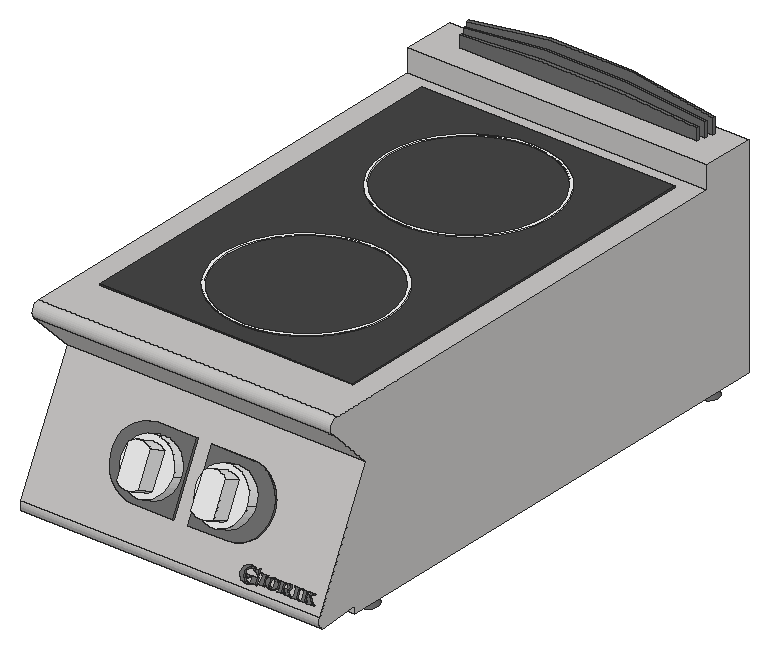
Revit family "QF_GIORIK_CV720T", category Specialty Equipment, Revit 2014
Parameters (values of type "CV720T")
  Weight in Pounds = 77.1617
  Watts = 4200 W
  Volts = 400 V
  URL Cutsheet = "www.giorik.com"
  URL = "www.giorik.com"
  Status [instance] = ""
  Specification by User [instance] = ""
  Specification by Manufacturer = ""
  Show Logo [instance] = yes
  Show Clearance [instance] = yes
  Serial Number = ""
  Seismic Rating = ""
  SMACNA No = ""
  Revision Code [instance] = ""
  Phase = 3
  Number of Poles [instance] = 3
  NAFEM Spec ID Number = ""
  Model = "CV720T"
  Min Ckt Ampacity = 0 A
  Max Overcurrent Protection = 0 A
  Masterspec = ""
  Manufacturer = "GIORIK"
  Item Number [instance] = ""
  Installed By [instance] = ""
  Identify Quantity as Lot [instance] = no
  HP = "5.632284000000"
  Furnished By [instance] = ""
  Foodservice Equipment Identifier [instance] = yes
  FL Amps = 0 A
  Electrical Remarks [instance] = ""
  Electric Connection Type [instance] = ""
  Elec Conn RI Height [instance] = 0 mm
  Elec Conn Connection Height [instance] = 20 mm
  Description = "CERAMIC GLASS HOB - COUNTERTOP VERSION"
  Cycle = 50 Hz
  Conn Plug = ""
  CSI MasterFormat = ""
  Assembly Code = "E1090320"
  Apparent Power = 4200 VA
Reference planes
  plane 1 "Back": y = 0
  plane 2: z = 0
  plane 3 "Left": x = 0
  plane 4 "Right": x = 400
  plane 5 "Front": y = -720
  plane 6 "Top": z = 300
Forms (mm)
  Extrusion 1, solid, visible <- "Show Logo"
    sketch origin (196.604, -736.761, 9.486) x (-1, 0, 0) y (0, 0.452718, 0.891654)
      loop
        line (-118.824, 58.358) -> (-127.804, 58.358) -> (-125.523, 56.445) -> (-125.523, 48.027) -> (-127.804, 46.113) -> (-118.824, 46.113) -> (-121.105, 48.027) -> (-121.105, 56.445) -> (-118.824, 58.358)
      loop
        line (-163.721, 58.358) -> (-172.7, 58.358) -> (-170.42, 56.445) -> (-170.42, 48.027) -> (-172.7, 46.113) -> (-163.721, 46.113) -> (-166.001, 48.027) -> (-166.001, 56.445) -> (-163.721, 58.358)
      loop
        line (-174.332, 58.358) -> (-183.312, 58.358) -> (-181.031, 56.445) -> (-181.031, 52.435) -> (-186.419, 56.955) -> (-184.416, 58.358) -> (-191.268, 58.358) -> (-188.01, 56.839) -> (-185.455, 54.283) -> (-190.846, 47.858) -> (-193.396, 46.93) -> (-193.396, 46.113) -> (-184.416, 46.113) -> (-185.437, 47.571) -> (-182.443, 51.552) -> (-181.031, 50.894) -> (-181.031, 48.027) -> (-183.312, 46.113) -> (-174.332, 46.113) -> (-176.613, 48.027) -> (-176.613, 56.445) -> (-174.332, 58.358)
      loop
        line (-115.429, 62.063) -> (-115.429, 54.198)
        arc (-115.429, 54.198) -> (-111.618, 57.803) -> (-106.847, 59.986) r 16.039
        arc (-106.847, 59.986) -> (-103.314, 59.837) -> (-100.512, 57.68) r 5.851
        arc (-100.512, 57.68) -> (-98.815, 52.267) -> (-100.512, 46.853) r 9.479
        arc (-100.512, 46.853) -> (-102.406, 44.986) -> (-104.846, 43.93) r 7.236
        arc (-104.846, 43.93) -> (-107.728, 44.111) -> (-110.052, 45.825) r 5.11
        line (-110.052, 45.825) -> (-110.052, 52.001) -> (-116.141, 52.001) -> (-116.141, 45.503) -> (-117.893, 43.751) -> (-114.094, 44.769)
        arc (-114.094, 44.769) -> (-112.56, 44.947) -> (-111.129, 44.366) r 3.115
        arc (-111.129, 44.366) -> (-104.216, 42.091) -> (-97.303, 44.366) r 11.641
        arc (-97.303, 44.366) -> (-93.396, 52.107) -> (-97.303, 59.849) r 9.622
        arc (-97.303, 59.849) -> (-104.369, 62.174) -> (-111.435, 59.849) r 11.898
        line (-111.435, 59.849) -> (-115.429, 62.063)
      loop
        arc (-129.234, 56.068) -> (-135.893, 58.628) -> (-142.552, 56.068) r 9.941
        arc (-142.552, 56.068) -> (-144.234, 52.286) -> (-142.552, 48.505) r 5.093
        arc (-142.552, 48.505) -> (-135.893, 45.945) -> (-129.234, 48.505) r 9.941
        arc (-129.234, 48.505) -> (-127.552, 52.286) -> (-129.234, 56.068) r 5.093
      loop
        arc (-132.628, 54.403) -> (-135.893, 57.668) -> (-139.158, 54.403) r 3.265
        line (-139.158, 54.403) -> (-139.158, 50.169)
        arc (-139.158, 50.169) -> (-135.893, 46.904) -> (-132.628, 50.169) r 3.265
        line (-132.628, 50.169) -> (-132.628, 54.403)
      loop
        arc (-156.363, 58.365) -> (-159.647, 55.081) -> (-156.363, 51.796) r 3.285
        line (-156.363, 51.796) -> (-159.529, 47.306) -> (-162.087, 46.113) -> (-155.847, 46.113) -> (-153.529, 51.083) -> (-150.637, 51.083) -> (-150.637, 47.784) -> (-153.022, 46.113) -> (-144.011, 46.113) -> (-146.094, 47.68) -> (-146.094, 56.493) -> (-144.229, 58.365) -> (-156.363, 58.365)
      loop
        line (-150.637, 57.512) -> (-153.637, 57.512)
        arc (-153.637, 57.512) -> (-156.237, 54.912) -> (-153.637, 52.312) r 2.6
        line (-153.637, 52.312) -> (-150.637, 52.312) -> (-150.637, 57.512)
      loop
        line (-108.924, 52.001) -> (-104.936, 49.005) -> (-100.948, 52.001) -> (-108.924, 52.001)
    from 1.5 to -0.5
  Extrusion 2, solid
    sketch origin (0, 1000, -620) x (0, 1, 0) y (0, 0, 1)
      loop
        line (-1000, 919.988) -> (-1070, 919.988) -> (-1070, 889.988) -> (-1688.806, 889.988)
        arc (-1688.806, 889.988) -> (-1699.151, 883.075) -> (-1696.724, 870.873) r 11.197
        line (-1696.724, 870.873) -> (-1640.876, 815.025) -> (-1718.948, 661.258)
        arc (-1718.948, 661.258) -> (-1718.233, 650.105) -> (-1708.118, 645.354) r 10.981
        line (-1708.118, 645.354) -> (-1660, 649.925) -> (-1660, 640) -> (-1000, 640) -> (-1000, 919.988)
    from 0 to 400
  Extrusion 3, solid
    sketch origin (-273.221, -963.345, -547.637) x (1, 0, 0) y (0, 0.452718, 0.891654)
      loop
        line (463.221, 676.25) -> (463.221, 766.25) -> (409.698, 766.25)
        arc (409.698, 766.25) -> (364.698, 721.25) -> (409.698, 676.25) r 45
        line (409.698, 676.25) -> (463.221, 676.25)
    from 48 to 50
  Extrusion 4, solid
    sketch origin (501.331, -1008.697, -525.041) x (-1, 0, 0) y (0, -0.45351, -0.891251)
      loop
        circle (351.331, -721.346) r 35
    from 0 to 15
  Extrusion 5, solid
    sketch origin (501.331, -1008.697, -525.041) x (-1, 0, 0) y (0, -0.45351, -0.891251)
      loop
        arc (336.331, -743.846) -> (351.331, -748.846) -> (366.331, -743.846) r 25
        line (366.331, -743.846) -> (366.331, -698.846)
        arc (366.331, -698.846) -> (351.331, -693.846) -> (336.331, -698.846) r 25
        line (336.331, -698.846) -> (336.331, -743.846)
    from 15 to 40
  Extrusion 6, solid
    sketch origin (-94, 0, -610.002) x (1, 0, 0) y (0, 0, 1)
      loop
        line (135, 909.989) -> (453, 909.989) -> (453, 925.527) -> (347.056, 931.749) -> (240.944, 931.749) -> (135, 925.527) -> (135, 909.989)
    from 32 to 35
  Extrusion 7, solid
    sketch origin (-92, 10, -610.002) x (1, 0, 0) y (0, 0, 1)
      loop
        line (454, 909.989) -> (454, 928.527) -> (346.162, 939.193) -> (237.838, 939.193) -> (130, 928.527) -> (130, 909.989) -> (454, 909.989)
    from 32 to 35
  Extrusion 8, solid
    sketch origin (-90, 20, -610.002) x (1, 0, 0) y (0, 0, 1)
      loop
        line (455, 909.989) -> (455, 930.527) -> (345.396, 947.413) -> (234.604, 947.413) -> (125, 930.527) -> (125, 909.989) -> (455, 909.989)
    from 32 to 35
  Extrusion 9, solid
    sketch origin (673.255, -963.345, -547.637) x (-1, 0, 0) y (0, -0.452718, -0.891654)
      loop
        line (463.221, -676.25) -> (409.698, -676.25)
        arc (409.698, -676.25) -> (364.698, -721.25) -> (409.698, -766.25) r 45
        line (409.698, -766.25) -> (463.221, -766.25) -> (463.221, -676.25)
    from 48 to 50
  Extrusion 10, solid
    sketch origin (-101.297, -1008.697, -525.041) x (1, 0, 0) y (0, 0.45351, 0.891251)
      loop
        circle (351.331, 721.346) r 35
    from 0 to 15
  Extrusion 11, solid
    sketch origin (-101.297, -1008.697, -525.041) x (1, 0, 0) y (0, 0.45351, 0.891251)
      loop
        line (336.331, 743.846) -> (336.331, 698.846)
        arc (336.331, 698.846) -> (351.331, 693.846) -> (366.331, 698.846) r 25
        line (366.331, 698.846) -> (366.331, 743.846)
        arc (366.331, 743.846) -> (351.331, 748.846) -> (336.331, 743.846) r 25
    from 15 to 40
  Extrusion 12, solid
    sketch origin (0, 0, 221) x (0, 1, 0) y (-1, 0, 0)
      loop
        line (-625, -30) -> (-625, -370) -> (-85, -370) -> (-85, -30) -> (-625, -30)
    from 48 to 50
  Extrusion 13, solid
    sketch origin (10, -722.5, 248.488) x (0, -1, 0) y (1, 0, 0)
      loop
        circle (-231.5, 189.999) r 110
      loop
        circle (-231.5, 189.999) r 106.5
    from 23 to 20.512
  Extrusion 14, solid
    sketch origin (10, -450.5, 248.488) x (0, -1, 0) y (1, 0, 0)
      loop
        circle (-231.5, 189.999) r 110
      loop
        circle (-231.5, 189.999) r 106.5
    from 23 to 20.512
  Extrusion 15, solid
    sketch origin (-4, 0, 0) x (1, 0, 0) y (0, 1, 0)
      loop
        circle (54, -385) r 12.5
    from 5 to 20
  Extrusion 16, solid
    sketch origin (543.603, 45.293, -30) x (0, 1, 0) y (-1, 0, 0)
      loop
        circle (-79.293, 516.603) r 5
    from 41.965 to 50
  Revolve 17, solid
    sketch origin (27, 49.943, -600) x (0, 1, 0) y (0, 0, 1)
      loop
        line (-83.943, 611.965) -> (-94.752, 611.965) -> (-97.943, 600) -> (-83.943, 600) -> (-83.943, 611.965)
      axis (-83.943, 611.965) -> (-83.943, 600)
    angle from 0 to 360
  Extrusion 18, solid
    sketch origin (543.603, -524.707, -30) x (0, 1, 0) y (-1, 0, 0)
      loop
        circle (-79.293, 516.603) r 5
    from 41.965 to 50
  Revolve 19, solid
    sketch origin (27, -520.057, -600) x (0, 1, 0) y (0, 0, 1)
      loop
        line (-83.943, 611.965) -> (-94.752, 611.965) -> (-97.943, 600) -> (-83.943, 600) -> (-83.943, 611.965)
      axis (-83.943, 611.965) -> (-83.943, 600)
    angle from 0 to 360
  Extrusion 20, solid
    sketch origin (-143.603, 45.293, -30) x (0, 1, 0) y (-1, 0, 0)
      loop
        circle (-79.293, -516.603) r 5
    from 41.965 to 50
  Revolve 21, solid
    sketch origin (373, 49.943, -600) x (0, 1, 0) y (0, 0, -1)
      loop
        line (-83.943, -611.965) -> (-83.943, -600) -> (-97.943, -600) -> (-94.752, -611.965) -> (-83.943, -611.965)
      axis (-83.943, -611.965) -> (-83.943, -600)
    angle from 0 to 360
  Extrusion 22, solid
    sketch origin (-143.603, -524.707, -30) x (0, 1, 0) y (-1, 0, 0)
      loop
        circle (-79.293, -516.603) r 5
    from 41.965 to 50
  Revolve 23, solid
    sketch origin (373, -520.057, -600) x (0, 1, 0) y (0, 0, -1)
      loop
        line (-83.943, -611.965) -> (-83.943, -600) -> (-97.943, -600) -> (-94.752, -611.965) -> (-83.943, -611.965)
      axis (-83.943, -611.965) -> (-83.943, -600)
    angle from 0 to 360
Lines and regions (mm)
  symbolic lines, style "200-EquipBorder-2D"
    curve 1: line (0, -720, 0) -> (400, -720, 0)
    curve 2: line (400, -720, 0) -> (400, 0, 0)
    curve 3: line (400, 0, 0) -> (0, 0, 0)
    curve 4: line (0, 0, 0) -> (0, -720, 0)
  symbolic lines, style "200-EquipInternal-2D"
    curve 5: line (0, -70, 300) -> (400, -70, 300)
    curve 6: line (35, -12, 900) -> (365, -12, 900)
    curve 7: line (365, -12, 900) -> (365, -15, 900)
    curve 8: line (365, -15, 900) -> (35, -15, 900)
    curve 9: line (35, -15, 900) -> (35, -12, 900)
    curve 10: line (38, -22, 900) -> (362, -22, 900)
    curve 11: line (362, -22, 900) -> (362, -25, 900)
    curve 12: line (362, -25, 900) -> (38, -25, 900)
    curve 13: line (38, -25, 900) -> (38, -22, 900)
    curve 14: line (41, -32, 900) -> (359, -32, 900)
    curve 15: line (359, -32, 900) -> (359, -35, 900)
    curve 16: line (359, -35, 900) -> (41, -35, 900)
    curve 17: line (41, -35, 900) -> (41, -32, 900)
    curve 18: line (370, -85, 300) -> (30, -85, 300)
    curve 19: line (370, -625, 300) -> (370, -85, 300)
    curve 20: line (30, -85, 300) -> (30, -625, 300)
    curve 21: line (30, -625, 300) -> (370, -625, 300)
    curve 22: circle (199.999, -219, 300) r 110 normal (0, 0, 1)
    curve 23: circle (199.999, -219, 300) r 106.5 normal (0, 0, 1)
    curve 24: circle (199.999, -491, 300) r 110 normal (0, 0, 1)
    curve 25: circle (199.999, -491, 300) r 106.5 normal (0, 0, 1)
Dimensions and locks
  plane 3 "Left" to plane 4 "Right" = 400 mm
  plane 5 "Front" to plane 1 "Back" = 720 mm
  plane 4 "Right" to plane 3 "Left" = 400 mm
  plane 1 "Back" to plane 5 "Front" = 720 mm
  plane 6 "Top" to level = 300 mm  (x2)
  aligned and locked: level to plane 2
Connectors
  electrical at (50, -385, 5), driven by "Apparent Power", driven by "Volts", driven by "Number of Poles"
    settings: on Extrusion 15, index 3, voltage 400 V, apparent load 0 VA, apparent load phase1 4200 VA, apparent load phase2 0 VA, apparent load phase3 0 VA, power factor 1, load classification "Other", number of poles 3, system type 31, power factor state 1, is connector primary yes, connector utility no, sub classification motor no, connector description "Electrical connection"
